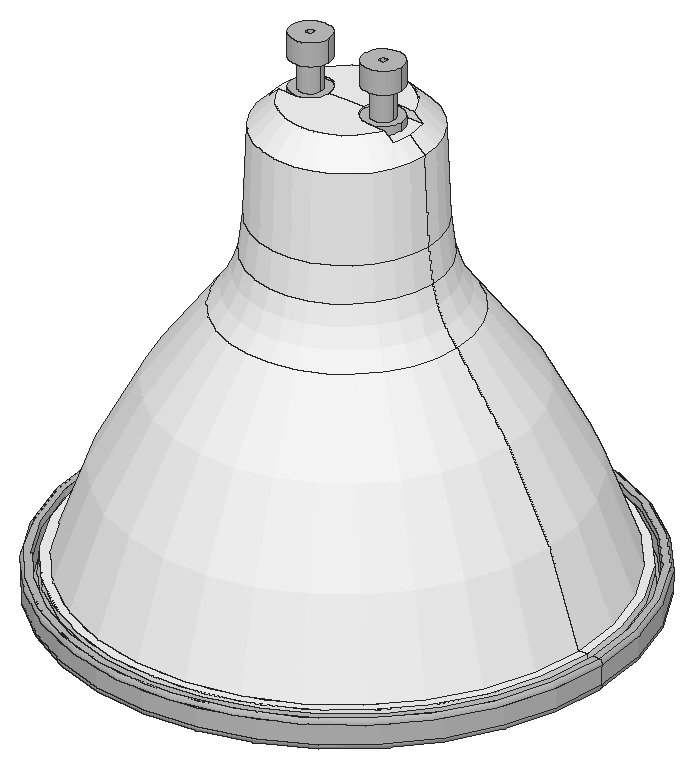
Revit family "STL21412_27_30_40", category Luminárias, Revit 2023
Family settings
  Cota do conector redondo = Utilizar diâmetro
  Tipo de parte = Normal
  Com base no plano de trabalho = Não
  Sempre na vertical = Sim
  Corte com vazios quando carregada = Não
  Fonte luminosa = Sim
  Manter orientação da anotação = Não
  Compartilhado = Não
  Ponto de cálculo do ambiente = Não
Parameters (values of type "STL21412/27 - BIVOLT - 2700K - 280lm - 14°")
  Ângulo de inclinação = 90.00°
  Ângulo de Abertura = "14°"
  Wattage = 1.88499 W
  URL = "https://stella.com.br/"
  Troca de temperatura da cor de lâmpada com esmaecimento = <Nenhum>
  Tensão Elétrica = "100V-240V"
  built-in parameter 1150107 = 2700 (stored number, unit not read)
  Temperatura da cor (K) = 2700 K
  Referência = "STL21412/27"
  Potência = 4.7 W
  built-in parameter 1150110 = 1 (stored number, unit not read)
  built-in parameter 1150109 = 1 (stored number, unit not read)
  built-in parameter 1114218 = 1 (stored number, unit not read)
  built-in parameter 1150112 = 1 (stored number, unit not read)
  built-in parameter 1150113 = 1 (stored number, unit not read)
  built-in parameter 1150142 = "IESNA:LM-63-2002\r\n[TEST] Viso BaseSpion - serial: 2183678036 sensor serial: 1483989726\r\n[TESTLAB] Viso BaseSpion - serial: 2183678036 sensor serial: 1483989726 - Test lab\r\n[MANUFAC] See\r\n[ISSUEDATE] 18/11/2021\r\n[LUMINAIRE] STELLA - STL21412/27 - AR70 PRO 14° 4,7W\r\n[LUMCAT] N/A\r\n[_SERIALNUMBER] VFR-211118-4389-MS\r\nTILT=NONE\r\n1 314 1 91 1 1 2 -0.055 -0.055 0.0623\r\n1.0 1.0 4.84\r\n0 1 2 3 4 5 6 7 8 9 10 11 12 13 14 15 16 17 18 19 20 21 22 23 24 25 26 27 28 29 30 31 32 33 34 35 36 37 38 39 40 41 42 43 44 45 46 47 48 49 50 51 52 53 54 55 56 57 58 59 60 61 62 63 64 65 66 67 68 69 70 71 72 73 74 75 76 77 78 79 80\r\n 81 82 83 84 85 86 87 88 89 90\r\n0 \r\n3325.505615 3334.209229 3203.490479 3014.690186 2790.325928 2509.158691 2166.907715 1776.408203 1389.179321 1053.798706 787.248169 589.462219 443.815887 341.963531 270.178253 216.083344 173.783539 140.198257 113.954948 93.092331 77.266563\r\n 65.61087 56.632122 48.995373 42.585186 37.516159 33.826206 31.098215 29.290491 28.469191 28.667389 29.676735 30.832096 31.674952 31.817999 31.113186 29.722097 28.092344 26.377115 24.746988 23.312525 22.151443 21.47084 21.364872 21.64028\r\n 22.553265 24.21455 26.307997 28.445181 30.041794 29.944456 27.656168 23.512016 18.311695 12.955037 7.728613 3.617404 1.680018 1.115494 0.887366 0.49117 0.271314 0.213952 0.183347 0.172016 0.172526 0.144828 0.13527 0.136783 0.128794\r\n 0.118054 0.13355 0.116305 0.157327 0.142071 0.128155 0.118416 0.113535 0.140811 0.10613 0.113836 0.122562 0.135073 0.11774 0.131592 0.130009 0.127548 0.12436 0.137453 0.12859 0.031663\r\n"
  built-in parameter 1150132 = 2
  built-in parameter 1150137 = (empty or 0)
  Modelo = "AR70 PRO 14º 4,7W\r\nAR70 PRO 14º 4,7W\r\nAR 70 PRO 7º 4,7W"
  Luminoso [instance] = Luminoso - 2700K
  built-in parameter 1150106 = 86.619 (stored number, unit not read)
  built-in parameter 1150102 = (empty or 0)
  built-in parameter 1150105 = 8661.9 (stored number, unit not read)
  IRC (Índice de reprodução de cores) = ">95 (R9>80)"
  Grau de proteção (IP) = "IP20"
  Fluxo Luminoso = 280 lm
  Color Filter = 16777215
  built-in parameter 1114217 = 1 (stored number, unit not read)
  built-in parameter 1150139 = (empty or 0)
  Fabricante = "Stella"
  Estrutura [instance] = Al - Branco
  Default Elevation = 0.00 m
  built-in parameter 1150104 = 13.8 (stored number, unit not read)
  Diâmetro = 0.07 m
  Dimerização = "Não dimerizável"
  built-in parameter 1150115 = 1 (stored number, unit not read)
  built-in parameter 1150114 = 1 (stored number, unit not read)
  Cromado [instance] = Cromado
  Lumens = 280 lm
  built-in parameter 1150138 = (empty or 0)
  built-in parameter 1150134 = (empty or 0)
  Arquivo de rede fotométrica = "STELLA - STL21412-27 - AR70 PRO 14° 4,7W.ies"
  Altura = 0.067 m
  built-in parameter 1150133 = 10 (stored number, unit not read)
Types (4, lengths in m): name | Wattage | built-in parameter 1150107 | Temperatura da cor (K) | Referência | built-in parameter 1150142 | Luminoso | built-in parameter 1150106 | built-in parameter 1150105 | Fluxo Luminoso | Lumens | built-in parameter 1150134 | Arquivo de rede fotométrica
  (no name) | 1.88499 W | 2700 (stored number, unit not read) | 2700 K | "STL21412/27" | "IESNA:LM-63-2002\r\n[TEST] Viso BaseSpion - serial: 2183678036 sensor serial: 1483989726\r\n[TESTLAB] Viso BaseSpion - serial: 2183678036 sensor serial: 1483989726 - Test lab\r\n[MANUFAC] See\r\n[ISSUEDATE] 18/11/2021\r\n[LUMINAIRE] STELLA - STL21412/27 - AR70 PRO 14° 4,7W\r\n[LUMCAT] N/A\r\n[_SERIALNUMBER] VFR-211118-4389-MS\r\nTILT=NONE\r\n1 314 1 91 1 1 2 -0.055 -0.055 0.0623\r\n1.0 1.0 4.84\r\n0 1 2 3 4 5 6 7 8 9 10 11 12 13 14 15 16 17 18 19 20 21 22 23 24 25 26 27 28 29 30 31 32 33 34 35 36 37 38 39 40 41 42 43 44 45 46 47 48 49 50 51 52 53 54 55 56 57 58 59 60 61 62 63 64 65 66 67 68 69 70 71 72 73 74 75 76 77 78 79 80\r\n 81 82 83 84 85 86 87 88 89 90\r\n0 \r\n3325.505615 3334.209229 3203.490479 3014.690186 2790.325928 2509.158691 2166.907715 1776.408203 1389.179321 1053.798706 787.248169 589.462219 443.815887 341.963531 270.178253 216.083344 173.783539 140.198257 113.954948 93.092331 77.266563\r\n 65.61087 56.632122 48.995373 42.585186 37.516159 33.826206 31.098215 29.290491 28.469191 28.667389 29.676735 30.832096 31.674952 31.817999 31.113186 29.722097 28.092344 26.377115 24.746988 23.312525 22.151443 21.47084 21.364872 21.64028\r\n 22.553265 24.21455 26.307997 28.445181 30.041794 29.944456 27.656168 23.512016 18.311695 12.955037 7.728613 3.617404 1.680018 1.115494 0.887366 0.49117 0.271314 0.213952 0.183347 0.172016 0.172526 0.144828 0.13527 0.136783 0.128794\r\n 0.118054 0.13355 0.116305 0.157327 0.142071 0.128155 0.118416 0.113535 0.140811 0.10613 0.113836 0.122562 0.135073 0.11774 0.131592 0.130009 0.127548 0.12436 0.137453 0.12859 0.031663\r\n" | Luminoso - 2700K | 86.619 (stored number, unit not read) | 8661.9 (stored number, unit not read) | 280 lm | 280 lm | (empty or 0) | "STELLA - STL21412-27 - AR70 PRO 14° 4,7W.ies"
  STL21412/27 - BIVOLT - 2700K - 280lm - 14° | 1.88499 W | 2700 (stored number, unit not read) | 2700 K | "STL21412/27" | "IESNA:LM-63-2002\r\n[TEST] Viso BaseSpion - serial: 2183678036 sensor serial: 1483989726\r\n[TESTLAB] Viso BaseSpion - serial: 2183678036 sensor serial: 1483989726 - Test lab\r\n[MANUFAC] See\r\n[ISSUEDATE] 18/11/2021\r\n[LUMINAIRE] STELLA - STL21412/27 - AR70 PRO 14° 4,7W\r\n[LUMCAT] N/A\r\n[_SERIALNUMBER] VFR-211118-4389-MS\r\nTILT=NONE\r\n1 314 1 91 1 1 2 -0.055 -0.055 0.0623\r\n1.0 1.0 4.84\r\n0 1 2 3 4 5 6 7 8 9 10 11 12 13 14 15 16 17 18 19 20 21 22 23 24 25 26 27 28 29 30 31 32 33 34 35 36 37 38 39 40 41 42 43 44 45 46 47 48 49 50 51 52 53 54 55 56 57 58 59 60 61 62 63 64 65 66 67 68 69 70 71 72 73 74 75 76 77 78 79 80\r\n 81 82 83 84 85 86 87 88 89 90\r\n0 \r\n3325.505615 3334.209229 3203.490479 3014.690186 2790.325928 2509.158691 2166.907715 1776.408203 1389.179321 1053.798706 787.248169 589.462219 443.815887 341.963531 270.178253 216.083344 173.783539 140.198257 113.954948 93.092331 77.266563\r\n 65.61087 56.632122 48.995373 42.585186 37.516159 33.826206 31.098215 29.290491 28.469191 28.667389 29.676735 30.832096 31.674952 31.817999 31.113186 29.722097 28.092344 26.377115 24.746988 23.312525 22.151443 21.47084 21.364872 21.64028\r\n 22.553265 24.21455 26.307997 28.445181 30.041794 29.944456 27.656168 23.512016 18.311695 12.955037 7.728613 3.617404 1.680018 1.115494 0.887366 0.49117 0.271314 0.213952 0.183347 0.172016 0.172526 0.144828 0.13527 0.136783 0.128794\r\n 0.118054 0.13355 0.116305 0.157327 0.142071 0.128155 0.118416 0.113535 0.140811 0.10613 0.113836 0.122562 0.135073 0.11774 0.131592 0.130009 0.127548 0.12436 0.137453 0.12859 0.031663\r\n" | Luminoso - 2700K | 86.619 (stored number, unit not read) | 8661.9 (stored number, unit not read) | 280 lm | 280 lm | (empty or 0) | "STELLA - STL21412-27 - AR70 PRO 14° 4,7W.ies"
  STL21412/30 - BIVOLT - 3000K - 300lm - 14º | 2.01963 W | 3000 (stored number, unit not read) | 3000 K | "STL21412/30" | "IESNA:LM-63-2002\r\n[TEST] Viso BaseSpion - serial: 2183678036 sensor serial: 1483989726\r\n[TESTLAB] Viso BaseSpion - serial: 2183678036 sensor serial: 1483989726 - Test lab\r\n[MANUFAC] See\r\n[ISSUEDATE] 18/11/2021\r\n[LUMINAIRE] STELLA - STL21412/30 - AR70 PRO 14° 4,7W\r\n[LUMCAT] N/A\r\n[_SERIALNUMBER] VFR-211118-4389-MS\r\nTILT=NONE\r\n1 314 1 91 1 1 2 -0.055 -0.055 0.0623\r\n1.0 1.0 4.84\r\n0 1 2 3 4 5 6 7 8 9 10 11 12 13 14 15 16 17 18 19 20 21 22 23 24 25 26 27 28 29 30 31 32 33 34 35 36 37 38 39 40 41 42 43 44 45 46 47 48 49 50 51 52 53 54 55 56 57 58 59 60 61 62 63 64 65 66 67 68 69 70 71 72 73 74 75 76 77 78 79 80\r\n 81 82 83 84 85 86 87 88 89 90\r\n0 \r\n3325.505615 3334.209229 3203.490479 3014.690186 2790.325928 2509.158691 2166.907715 1776.408203 1389.179321 1053.798706 787.248169 589.462219 443.815887 341.963531 270.178253 216.083344 173.783539 140.198257 113.954948 93.092331 77.266563\r\n 65.61087 56.632122 48.995373 42.585186 37.516159 33.826206 31.098215 29.290491 28.469191 28.667389 29.676735 30.832096 31.674952 31.817999 31.113186 29.722097 28.092344 26.377115 24.746988 23.312525 22.151443 21.47084 21.364872 21.64028\r\n 22.553265 24.21455 26.307997 28.445181 30.041794 29.944456 27.656168 23.512016 18.311695 12.955037 7.728613 3.617404 1.680018 1.115494 0.887366 0.49117 0.271314 0.213952 0.183347 0.172016 0.172526 0.144828 0.13527 0.136783 0.128794\r\n 0.118054 0.13355 0.116305 0.157327 0.142071 0.128155 0.118416 0.113535 0.140811 0.10613 0.113836 0.122562 0.135073 0.11774 0.131592 0.130009 0.127548 0.12436 0.137453 0.12859 0.031663\r\n" | Luminoso - 3000K | 0.23873 (stored number, unit not read) | 23.873 (stored number, unit not read) | 300 lm | 300 lm | (empty or 0) | "STELLA - STL21412-30 - AR70 PRO 14° 4,7W.ies"
  STL21412/40 - BIVOLT - 4000K - 320lm - 14° | 2.15427 W | 4000 (stored number, unit not read) | 4000 K | "STL21412/40" | "IESNA:LM-63-2002\r\n[TEST] Viso BaseSpion - serial: 2183678036 sensor serial: 1483989726\r\n[TESTLAB] Viso BaseSpion - serial: 2183678036 sensor serial: 1483989726 - Test lab\r\n[MANUFAC] See\r\n[ISSUEDATE] 18/11/2021\r\n[LUMINAIRE] STELLA - STL21412/27 - AR70 PRO 14° 4,7W\r\n[LUMCAT] N/A\r\n[_SERIALNUMBER] VFR-211118-4389-MS\r\nTILT=NONE\r\n1 314 1 91 1 1 2 -0.055 -0.055 0.0623\r\n1.0 1.0 4.84\r\n0 1 2 3 4 5 6 7 8 9 10 11 12 13 14 15 16 17 18 19 20 21 22 23 24 25 26 27 28 29 30 31 32 33 34 35 36 37 38 39 40 41 42 43 44 45 46 47 48 49 50 51 52 53 54 55 56 57 58 59 60 61 62 63 64 65 66 67 68 69 70 71 72 73 74 75 76 77 78 79 80\r\n 81 82 83 84 85 86 87 88 89 90\r\n0 \r\n3325.505615 3334.209229 3203.490479 3014.690186 2790.325928 2509.158691 2166.907715 1776.408203 1389.179321 1053.798706 787.248169 589.462219 443.815887 341.963531 270.178253 216.083344 173.783539 140.198257 113.954948 93.092331 77.266563\r\n 65.61087 56.632122 48.995373 42.585186 37.516159 33.826206 31.098215 29.290491 28.469191 28.667389 29.676735 30.832096 31.674952 31.817999 31.113186 29.722097 28.092344 26.377115 24.746988 23.312525 22.151443 21.47084 21.364872 21.64028\r\n 22.553265 24.21455 26.307997 28.445181 30.041794 29.944456 27.656168 23.512016 18.311695 12.955037 7.728613 3.617404 1.680018 1.115494 0.887366 0.49117 0.271314 0.213952 0.183347 0.172016 0.172526 0.144828 0.13527 0.136783 0.128794\r\n 0.118054 0.13355 0.116305 0.157327 0.142071 0.128155 0.118416 0.113535 0.140811 0.10613 0.113836 0.122562 0.135073 0.11774 0.131592 0.130009 0.127548 0.12436 0.137453 0.12859 0.031663\r\n" | Luminoso - 4000K | 0.25465 (stored number, unit not read) | 25.465 (stored number, unit not read) | 320 lm | 320 lm | 12 | "STELLA - STL21412-27 - AR70 PRO 14° 4,7W.ies"
Reference planes (m)
  plane 1 "Centro (Frente/Trás)": y = 0
  plane 2: z = 0
  plane 3 "Centro (Esquerda/Direita)": x = 0
  plane 4: x = 0.035
  plane 5: x = -0.035
  plane 6 "Superior": z = 0.063061
  plane 7 "Base": z = -0.003939
  plane 8: y = 0.035
  plane 9: y = -0.035
Forms (m)
  Revolve 1, solid, material "Al - Branco" <- "Estrutura"
    sketch origin (0, 0, 0) x (1, 0, 0) y (0, 0, 1)
      loop
        line (0.0077, 0.0564) -> (0, 0.0564) -> (0, 0.0548) -> (0.007603, 0.0548) -> (0.00957, 0.052833) -> (0.009999, 0.042321)
        arc (0.009999, 0.042321) -> (0.010188, 0.040004) -> (0.010563, 0.03771) r 0.02875
        arc (0.010563, 0.03771) -> (0.011893, 0.033837) -> (0.01416, 0.030428) r 0.01602
        arc (0.01416, 0.030428) -> (0.024357, 0.015572) -> (0.030945, -0.0012) r 0.07947
        line (0.030945, -0.0012) -> (0.031727, -0.0012) -> (0.0318, -0.0026) -> (0.033208, -0.0026) -> (0.03305, -0.000789) -> (0.033009, 0) -> (0.031862, 0)
        arc (0.031862, 0) -> (0.0252, 0.016541) -> (0.015066, 0.031215) r 0.08067
        arc (0.015066, 0.031215) -> (0.012969, 0.034369) -> (0.011739, 0.037951) r 0.01482
        arc (0.011739, 0.037951) -> (0.011379, 0.04015) -> (0.011198, 0.04237) r 0.02755
        line (0.011198, 0.04237) -> (0.01075, 0.05335) -> (0.0077, 0.0564)
      axis (0, 0.0564) -> (0, -0.0026)
    angle from 0 to 360
  Revolve 2, solid, material "Cromado" <- "Cromado"
    sketch origin (0, 0, 0) x (1, 0, 0) y (0, 0, 1)
      loop
        arc (0.012877, 0.018698) -> (0.020875, 0.008993) -> (0.027156, -0.001903) r 0.075693
        arc (0.027156, -0.001903) -> (0.027343, -0.002254) -> (0.027566, -0.002584) r 0.003884
        arc (0.027566, -0.002584) -> (0.030319, -0.003548) -> (0.033211, -0.003939) r 0.014447
        line (0.033211, -0.003939) -> (0.034185, -0.003956)
        arc (0.034185, -0.003956) -> (0.03475, -0.003721) -> (0.034986, -0.003156) r 0.0008
        line (0.034986, -0.003156) -> (0.035029, -0.000736)
        arc (0.035029, -0.000736) -> (0.034941, -0.000341) -> (0.034683, -0.000029) r 0.000865
        line (0.034683, -0.000029) -> (0.033841, -0.000029) -> (0.033761, -0.000945) -> (0.033613, -0.002629) -> (0.032299, -0.002629)
        arc (0.032299, -0.002629) -> (0.030081, -0.001839) -> (0.028213, -0.000404) r 0.007553
        arc (0.028213, -0.000404) -> (0.021949, 0.010251) -> (0.014066, 0.019771) r 0.077294
        line (0.014066, 0.019771) -> (0.012877, 0.019771) -> (0.012877, 0.018698)
      axis (0, 0.019771) -> (0, -0.003956)
    angle from 0 to 360
  Revolve 3, solid, material "Cromado" <- "Cromado"
    sketch origin (0, 0, 0) x (1, 0, 0) y (0, 0, 1)
      loop
        line (-0.01279, 0.004) -> (0, 0.004) -> (0, 0.014238) -> (-0.002617, 0.014238)
        arc (-0.002617, 0.014238) -> (-0.004216, 0.013782) -> (-0.005741, 0.013119) r 0.0125
        line (-0.005741, 0.013119) -> (-0.007371, 0.019202) -> (-0.010858, 0.019202)
        arc (-0.010858, 0.019202) -> (-0.011261, 0.019369) -> (-0.011427, 0.019771) r 0.000569
        line (-0.011427, 0.019771) -> (-0.0115, 0.02185) -> (-0.018457, 0.02185) -> (-0.018378, 0.02035) -> (-0.01275, 0.02035) -> (-0.012721, 0.019519) -> (-0.012721, 0.018698) -> (-0.011921, 0.018698) -> (-0.011921, 0.017583)
        arc (-0.011921, 0.017583) -> (-0.008013, 0.013326) -> (-0.002914, 0.010607) r 0.017169
        line (-0.002914, 0.010607) -> (-0.002684, 0.006224) -> (-0.0069, 0.005702) -> (-0.013416, 0.005702) -> (-0.013357, 0.004567)
        arc (-0.013357, 0.004567) -> (-0.013191, 0.004166) -> (-0.01279, 0.004) r 0.000567
      axis (0, 0.02185) -> (0, 0.004)
    angle from 0 to 360
  Extrusion 4, void
    sketch origin (0, -0.129323, 0) x (1, 0, 0) y (0, 1, 0)
      loop
        arc (-0.002358, 0.129323) -> (-0.003131, 0.131192) -> (-0.005, 0.131966) r 0.002642
        line (-0.005, 0.131966) -> (-0.008729, 0.131966)
        arc (-0.008729, 0.131966) -> (-0.009022, 0.130744) -> (-0.009136, 0.129493) r 0.008759
        arc (-0.009136, 0.129493) -> (-0.009047, 0.12807) -> (-0.008729, 0.126681) r 0.008759
        line (-0.008729, 0.126681) -> (-0.005, 0.126681)
        arc (-0.005, 0.126681) -> (-0.003131, 0.127455) -> (-0.002358, 0.129323) r 0.002642
    from 0.0553 to 0.0564
  Extrusion 5, solid, material "Cromado" <- "Cromado"
    sketch origin (0, 0, 0) x (1, 0, 0) y (0, 1, 0)
      loop
        circle (-0.005, 0) r 0.0025
    from 0.0553 to 0.0563
  Extrusion 6, solid, material "Cromado" <- "Cromado"
    sketch origin (0, 0, 0) x (1, 0, 0) y (0, 1, 0)
      loop
        circle (-0.005, 0) r 0.0015
    from 0.0563 to 0.060161
  Extrusion 7, solid, material "Cromado" <- "Cromado"
    sketch origin (0, 0, 0) x (1, 0, 0) y (0, 1, 0)
      loop
        circle (-0.005, 0) r 0.0025
    from 0.060161 to 0.063061
  Extrusion 8, solid, material "Cromado" <- "Cromado"
    sketch origin (0, 0, 0) x (-1, 0, 0) y (0, -1, 0)
      loop
        circle (-0.005, 0) r 0.0025
    from 0.0553 to 0.0563
  Extrusion 9, solid, material "Cromado" <- "Cromado"
    sketch origin (0, 0, 0) x (-1, 0, 0) y (0, -1, 0)
      loop
        circle (-0.005, 0) r 0.0015
    from 0.0563 to 0.060161
  Extrusion 10, solid, material "Cromado" <- "Cromado"
    sketch origin (0, 0, 0) x (-1, 0, 0) y (0, -1, 0)
      loop
        circle (-0.005, 0) r 0.0025
    from 0.060161 to 0.063061
  Extrusion 11, void
    sketch origin (0, -0.129323, 0) x (-1, 0, 0) y (0, -1, 0)
      loop
        arc (-0.002358, -0.129323) -> (-0.003131, -0.127455) -> (-0.005, -0.126681) r 0.002642
        line (-0.005, -0.126681) -> (-0.008729, -0.126681)
        arc (-0.008729, -0.126681) -> (-0.009047, -0.12807) -> (-0.009136, -0.129493) r 0.008759
        arc (-0.009136, -0.129493) -> (-0.009022, -0.130744) -> (-0.008729, -0.131966) r 0.008759
        line (-0.008729, -0.131966) -> (-0.005, -0.131966)
        arc (-0.005, -0.131966) -> (-0.003131, -0.131192) -> (-0.002358, -0.129323) r 0.002642
    from 0.0553 to 0.0564
  Extrusion 12, void
    sketch origin (0, 0, 0) x (1, 0, 0) y (0, 1, 0)
      loop
        circle (-0.005, 0) r 0.00045
    from 0.0557 to 0.063061
  Extrusion 13, void
    sketch origin (0, 0, 0) x (-1, 0, 0) y (0, -1, 0)
      loop
        circle (-0.005, 0) r 0.00045
    from 0.0557 to 0.063061
  Revolve 14, solid, material "Luminoso - 2700K" <- "Luminoso"
    sketch origin (0, 0, 0) x (1, 0, 0) y (0, 0, 1)
      loop
        line (-0.013416, 0.005702) -> (-0.0069, 0.005702) -> (-0.002684, 0.006224) -> (-0.002914, 0.010607)
        arc (-0.002914, 0.010607) -> (-0.008013, 0.013326) -> (-0.011921, 0.017583) r 0.017169
        line (-0.011921, 0.017583) -> (-0.011921, 0.018698) -> (-0.012721, 0.018698) -> (-0.012721, 0.01735)
        arc (-0.012721, 0.01735) -> (-0.008812, 0.012938) -> (-0.003685, 0.010029) r 0.017969
        line (-0.003685, 0.010029) -> (-0.003522, 0.006926) -> (-0.013416, 0.005702)
      axis (0, 0.018698) -> (0, 0.005702)
    angle from 0 to 360
Cuts and joins
  Extrusion 4, Extrusion 11 cuts Revolve 1
  Extrusion 12, Extrusion 13 cuts Extrusion 5
  Extrusion 11, Extrusion 12, Extrusion 13 cuts Extrusion 6
  Extrusion 12, Extrusion 13 cuts Extrusion 7
  joined: Extrusion 5, Extrusion 6, Extrusion 7
  Extrusion 13 cuts Extrusion 8
  Extrusion 13 cuts Extrusion 9
  Extrusion 13 cuts Extrusion 10
  joined: Extrusion 8, Extrusion 9, Extrusion 10
Lines and regions (m)
  model lines
    curve 1: line (0, 0.001599, 0.0553) -> (0, -0.004963, 0.0553)
    curve 2: line (0.006069, 0, 0.063061) -> (0.006069, 0, 0.060161)
Dimensions and locks (m)
  "Altura": plane 6 "Superior" to plane 7 "Base"
  "Diâmetro": plane 5 to plane 4
  aligned and locked: level to plane 2
  aligned and locked: Extrusion 7 to Extrusion 12
  aligned and locked: Extrusion 10 to cut or joined group of Extrusion 5, Extrusion 6, Extrusion 7, Extrusion 11, Extrusion 12, Extrusion 13
Automatic sketch dimensions
  curve 1 to plane 1 "Centro (Frente/Trás)" = 0.001599 m
  plane 1 "Centro (Frente/Trás)" to curve 1 = 0.004963 m
  Revolve 1 sketch curve to Revolve 1 sketch curve = 0.00 m  (x9)
  Revolve 1 sketch curve to plane 3 "Centro (Esquerda/Direita)" = 0.00 m  (x2)
  Revolve 1 sketch curve to level = 0.00 m
  Revolve 1 sketch curve to plane 5 = 0.01084 m
  Revolve 1 sketch curve to Revolve 1 sketch curve = 0.007603 m
  Revolve 1 sketch curve to Revolve 1 sketch curve = 0.000097 m
  Revolve 1 sketch curve to Revolve 1 sketch curve = 0.001967 m  (x2)
  plane 3 "Centro (Esquerda/Direita)" to Revolve 1 sketch curve = 0.009999 m
  Revolve 1 sketch curve to Revolve 1 sketch curve = 0.00118 m
  Revolve 1 sketch curve to Revolve 1 sketch curve = 0.001199 m
  Revolve 1 sketch curve to plane 4 = 0.008744 m
  Revolve 1 sketch curve to level = 0.0012 m
  Revolve 1 sketch curve to plane 4 = 0.004055 m
  Revolve 1 sketch curve to Revolve 1 sketch curve = 0.000781 m
  Revolve 1 sketch curve to Revolve 1 sketch curve = 0.000073 m
  Revolve 1 sketch curve to Revolve 1 sketch curve = 0.000135 m
  Revolve 1 sketch curve to Revolve 1 sketch curve = 0.001147 m
  Revolve 1 sketch curve to Revolve 1 sketch curve = 0.000041 m
  Revolve 1 sketch curve to plane 4 = 0.001792 m
  plane 4 to Revolve 1 sketch curve = 0.003725 m
  Revolve 1 sketch curve to Revolve 1 sketch curve = 0.0014 m
  Revolve 1 sketch curve to level = 0.021682 m
  Revolve 1 sketch curve to level = 0.000789 m
  level to Revolve 1 sketch curve = 0.040933 m
  Revolve 1 sketch curve to Revolve 1 sketch curve = 0.011106 m
  Revolve 1 sketch curve to Revolve 1 sketch curve = 0.000049 m
  Revolve 1 sketch curve to Revolve 1 sketch curve = 0.002561 m
  Revolve 1 sketch curve to Revolve 1 sketch curve = 0.010512 m
  Revolve 1 sketch curve to Revolve 1 sketch curve = 0.000517 m
  Revolve 1 sketch curve to Revolve 1 sketch curve = 0.0016 m
  Revolve 1 sketch curve to level = 0.003956 m
  Revolve 2 sketch curve to Revolve 2 sketch curve = 0.00 m  (x4)
  Revolve 2 sketch curve to plane 3 "Centro (Esquerda/Direita)" = 0.00 m
  Revolve 2 sketch curve to plane 5 = 0.006337 m
  plane 3 "Centro (Esquerda/Direita)" to Revolve 2 sketch curve = 0.012877 m
  Revolve 2 sketch curve to Revolve 2 sketch curve = 0.001189 m
  Revolve 2 sketch curve to level = 0.00025 m
  Revolve 2 sketch curve to plane 4 = 0.004329 m
  Revolve 2 sketch curve to plane 4 = 0.002701 m
  Revolve 2 sketch curve to Revolve 2 sketch curve = 0.000912 m
  Revolve 2 sketch curve to Revolve 2 sketch curve = 0.001314 m
  Revolve 2 sketch curve to plane 4 = 0.001309 m
  Revolve 2 sketch curve to plane 4 = 0.001308 m
  Revolve 2 sketch curve to plane 4 = 0.001239 m
  Revolve 2 sketch curve to level = 0.000029 m
  Revolve 2 sketch curve to Revolve 2 sketch curve = 0.00008 m
  Revolve 2 sketch curve to Revolve 2 sketch curve = 0.000403 m
  Revolve 2 sketch curve to plane 4 = 0.000815 m
  Revolve 2 sketch curve to plane 4 = 0.000317 m
  plane 4 to Revolve 2 sketch curve = 0.000029 m
  Revolve 2 sketch curve to level = 0.000721 m
  Revolve 2 sketch curve to Revolve 2 sketch curve = 0.000224 m
  Revolve 2 sketch curve to Revolve 2 sketch curve = 0.001684 m
  Revolve 2 sketch curve to Revolve 2 sketch curve = 0.000527 m
  Revolve 2 sketch curve to Revolve 2 sketch curve = 0.000783 m
  Revolve 2 sketch curve to Revolve 2 sketch curve = 0.0008 m
  Revolve 2 sketch curve to level = 0.034125 m
  level to Revolve 2 sketch curve = 0.004795 m
  Revolve 2 sketch curve to Revolve 2 sketch curve = 0.005705 m
  level to Revolve 2 sketch curve = 0.018698 m
  Revolve 2 sketch curve to Revolve 2 sketch curve = 0.001073 m
  Revolve 2 sketch curve to Revolve 2 sketch curve = 0.000002 m
  Revolve 2 sketch curve to level = 0.007971 m
  Revolve 2 sketch curve to Revolve 2 sketch curve = 0.043852 m
  Extrusion 4 sketch curve to Extrusion 4 sketch curve = 0.00 m  (x4)
  plane 1 "Centro (Frente/Trás)" to Extrusion 4 sketch curve = 0.00 m  (x2)
  plane 1 "Centro (Frente/Trás)" to Extrusion 4 sketch curve = 0.002642 m
  Extrusion 4 sketch curve to plane 3 "Centro (Esquerda/Direita)" = 0.008729 m
  Extrusion 4 sketch curve to Extrusion 4 sketch curve = 0.003729 m
  Extrusion 4 sketch curve to plane 3 "Centro (Esquerda/Direita)" = 0.000379 m
  Extrusion 4 sketch curve to plane 1 "Centro (Frente/Trás)" = 0.00017 m
  plane 1 "Centro (Frente/Trás)" to Extrusion 5 sketch curve = 0.00 m
  Extrusion 5 sketch curve to plane 3 "Centro (Esquerda/Direita)" = 0.005 m
  plane 1 "Centro (Frente/Trás)" to Extrusion 6 sketch curve = 0.00 m
  Extrusion 6 sketch curve to plane 3 "Centro (Esquerda/Direita)" = 0.005 m
  plane 1 "Centro (Frente/Trás)" to Extrusion 7 sketch curve = 0.00 m
  Extrusion 7 sketch curve to plane 3 "Centro (Esquerda/Direita)" = 0.005 m
  plane 1 "Centro (Frente/Trás)" to Extrusion 8 sketch curve = 0.00 m
  plane 3 "Centro (Esquerda/Direita)" to Extrusion 8 sketch curve = 0.005 m
  plane 1 "Centro (Frente/Trás)" to Extrusion 9 sketch curve = 0.00 m
  plane 3 "Centro (Esquerda/Direita)" to Extrusion 9 sketch curve = 0.005 m
  plane 1 "Centro (Frente/Trás)" to Extrusion 10 sketch curve = 0.00 m
  plane 3 "Centro (Esquerda/Direita)" to Extrusion 10 sketch curve = 0.005 m
  Extrusion 11 sketch curve to Extrusion 11 sketch curve = 0.00 m  (x4)
  plane 1 "Centro (Frente/Trás)" to Extrusion 11 sketch curve = 0.00 m  (x2)
  plane 1 "Centro (Frente/Trás)" to Extrusion 11 sketch curve = 0.002642 m
  plane 3 "Centro (Esquerda/Direita)" to Extrusion 11 sketch curve = 0.008729 m
  Extrusion 11 sketch curve to Extrusion 11 sketch curve = 0.003729 m
  plane 3 "Centro (Esquerda/Direita)" to Extrusion 11 sketch curve = 0.000379 m
  Extrusion 11 sketch curve to plane 1 "Centro (Frente/Trás)" = 0.00017 m
  plane 1 "Centro (Frente/Trás)" to Extrusion 12 sketch curve = 0.00 m
  Extrusion 12 sketch curve to plane 3 "Centro (Esquerda/Direita)" = 0.005 m
  plane 1 "Centro (Frente/Trás)" to Extrusion 13 sketch curve = 0.00 m
  plane 3 "Centro (Esquerda/Direita)" to Extrusion 13 sketch curve = 0.005 m
  Revolve 14 sketch curve to Revolve 14 sketch curve = 0.00 m  (x2)
  Revolve 14 sketch curve to plane 3 "Centro (Esquerda/Direita)" = 0.00 m
  Revolve 14 sketch curve to plane 3 "Centro (Esquerda/Direita)" = 0.002684 m
  Revolve 14 sketch curve to plane 3 "Centro (Esquerda/Direita)" = 0.002914 m
  Revolve 14 sketch curve to Revolve 14 sketch curve = 0.000838 m
  Revolve 14 sketch curve to Revolve 14 sketch curve = 0.000771 m
  Revolve 14 sketch curve to Revolve 14 sketch curve = 0.003378 m
  Revolve 14 sketch curve to plane 3 "Centro (Esquerda/Direita)" = 0.011921 m
  Revolve 14 sketch curve to Revolve 14 sketch curve = 0.0008 m
  level to Revolve 14 sketch curve = 0.005702 m
  Revolve 14 sketch curve to Revolve 14 sketch curve = 0.006516 m
  plane 3 "Centro (Esquerda/Direita)" to Revolve 14 sketch curve = 0.0025 m
  Revolve 14 sketch curve to Revolve 14 sketch curve = 0.000521 m
  Revolve 14 sketch curve to Revolve 14 sketch curve = 0.000702 m
  Revolve 14 sketch curve to Revolve 14 sketch curve = 0.003103 m
  Revolve 14 sketch curve to Revolve 14 sketch curve = 0.000578 m
  Revolve 14 sketch curve to Revolve 14 sketch curve = 0.007321 m
  Revolve 14 sketch curve to Revolve 14 sketch curve = 0.001348 m
  level to Revolve 14 sketch curve = 0.002602 m
  Revolve 14 sketch curve to Revolve 14 sketch curve = 0.003202 m
  Revolve 3 sketch curve to plane 3 "Centro (Esquerda/Direita)" = 0.00 m  (x3)
  Revolve 3 sketch curve to plane 3 "Centro (Esquerda/Direita)" = 0.002617 m
  Revolve 3 sketch curve to plane 3 "Centro (Esquerda/Direita)" = 0.002684 m
  Revolve 3 sketch curve to plane 3 "Centro (Esquerda/Direita)" = 0.002914 m
  Revolve 3 sketch curve to Revolve 3 sketch curve = 0.003123 m
  Revolve 3 sketch curve to Revolve 3 sketch curve = 0.004216 m
  Revolve 3 sketch curve to Revolve 3 sketch curve = 0.00163 m
  Revolve 3 sketch curve to Revolve 3 sketch curve = 0.003487 m
  Revolve 3 sketch curve to Revolve 3 sketch curve = 0.000569 m
  Revolve 3 sketch curve to Revolve 3 sketch curve = 0.000073 m
  Revolve 3 sketch curve to Revolve 3 sketch curve = 0.001063 m
  Revolve 3 sketch curve to Revolve 3 sketch curve = 0.0008 m
  Revolve 3 sketch curve to Revolve 3 sketch curve = 0.000029 m
  level to Revolve 3 sketch curve = 0.004 m
  Revolve 3 sketch curve to Revolve 3 sketch curve = 0.00589 m
  level to Revolve 3 sketch curve = 0.004567 m
  Revolve 3 sketch curve to Revolve 3 sketch curve = 0.00006 m
  Revolve 3 sketch curve to Revolve 3 sketch curve = 0.005628 m
  Revolve 3 sketch curve to Revolve 3 sketch curve = 0.000079 m
  plane 3 "Centro (Esquerda/Direita)" to Revolve 3 sketch curve = 0.0025 m
  Revolve 3 sketch curve to Revolve 3 sketch curve = 0.001985 m
  Revolve 3 sketch curve to Revolve 3 sketch curve = 0.001136 m
  Revolve 3 sketch curve to Revolve 3 sketch curve = 0.002224 m
  Revolve 3 sketch curve to Revolve 3 sketch curve = 0.004383 m
  Revolve 3 sketch curve to Revolve 3 sketch curve = 0.002512 m
  Revolve 3 sketch curve to Revolve 3 sketch curve = 0.004464 m
  Revolve 3 sketch curve to Revolve 3 sketch curve = 0.001115 m
  Revolve 3 sketch curve to Revolve 3 sketch curve = 0.000504 m
  Revolve 3 sketch curve to Revolve 3 sketch curve = 0.000821 m
  Revolve 3 sketch curve to Revolve 3 sketch curve = 0.000831 m
  Revolve 3 sketch curve to Revolve 3 sketch curve = 0.0015 m
  Revolve 3 sketch curve to level = 0.005482 m
  Revolve 3 sketch curve to Revolve 3 sketch curve = 0.001455 m
  level to curve 1 = 0.0553 m
  curve 2 to plane 6 "Superior" = 0.00 m
  curve 2 to plane 6 "Superior" = 0.0029 m
  plane 3 "Centro (Esquerda/Direita)" to curve 2 = 0.006069 m
  radius of Extrusion 5 sketch curve = 0.0025 m
  radius of Extrusion 6 sketch curve = 0.0015 m
  radius of Extrusion 7 sketch curve = 0.0025 m
  radius of Extrusion 8 sketch curve = 0.0025 m
  radius of Extrusion 9 sketch curve = 0.0015 m
  radius of Extrusion 10 sketch curve = 0.0025 m
  radius of Extrusion 12 sketch curve = 0.00045 m
  radius of Extrusion 13 sketch curve = 0.00045 m
Connectors (m)
  electrical at (0, 0, 0.063061)
    settings: index 1, voltage 0 V, apparent load 0 VA, apparent load phase1 0 VA, apparent load phase2 0 VA, apparent load phase3 0 VA, power factor 1, load classification "Outro", number of poles 1, system type 31, power factor state 1, is connector primary yes, connector utility no, sub classification motor no, connector description ""
